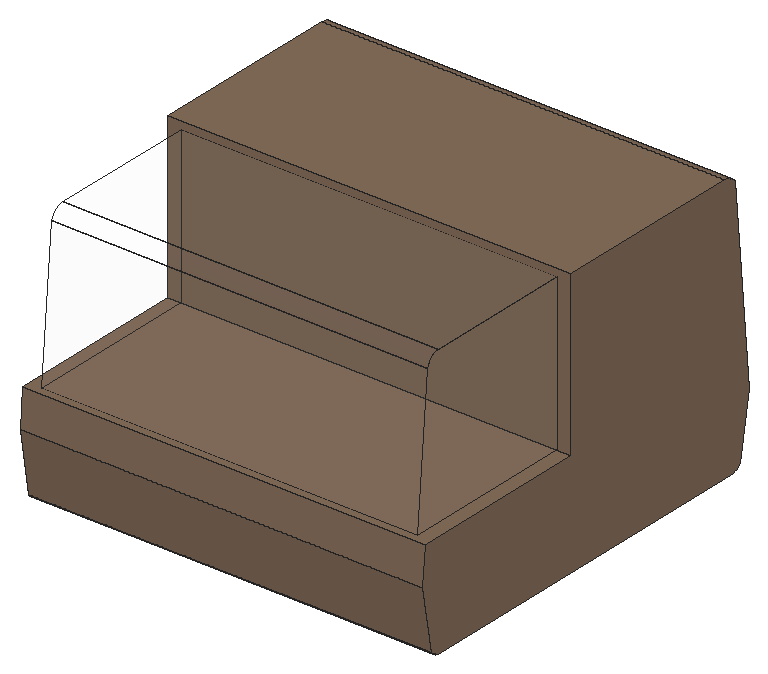
Revit family "PGL", category Lighting Fixtures, host Face, Revit 2013
Parameters (values of type "PGL-250")
  Wattage Comments = "250W & 400W"
  Wattage = 250 W
  built-in parameter 1150110 = 1 (stored number, unit not read)
  Voltage = 120 V
  URL = "http://www.hubbelloutdoor.com/"
  built-in parameter 1114217 = 1 (stored number, unit not read)
  Tilt Angle = 0.00°
  built-in parameter 1150109 = 1 (stored number, unit not read)
  built-in parameter 1150134 = 3
  built-in parameter 1150113 = 1 (stored number, unit not read)
  Product Page URL = "https://www.hubbell.com/hubbelllightingci/en/Products/Lighting-Controls/Commercial-Outdoor-Lighting/Wall-Mount/Perimaliter-PGM3PGL/p/248691"
  Product Documentation Link = "https://hubbellcdn.com/specsheet/pglspecsheet.pdf"
  Power Factor = 1
  Photometric Web File = "PGL250H-x2x.ies"
  Mounting Type = "Wall Mount (surface)\r\nWall (surface)\r\nWall (surface)\r\nWall Mount (Surface)"
  Model = "PGL"  # constant formula
  Manufacturer = "Hubbell Outdoor Lighting"  # constant formula
  built-in parameter 1150105 = 14606 (stored number, unit not read)
  Lumens = 37135.5 lm
  built-in parameter 1150115 = 1 (stored number, unit not read)
  Load Classification = Lighting
  built-in parameter 1150137 = (empty or 0)
  built-in parameter 1150139 = (empty or 0)
  built-in parameter 1150112 = 1 (stored number, unit not read)
  built-in parameter 1150114 = 1 (stored number, unit not read)
  Lamp = "LED"  # constant formula
  Glass Material = Hubbell - White Glass
  built-in parameter 1150132 = (empty or 0)
  built-in parameter 1150102 = (empty or 0)
  built-in parameter 1150107 = 3200 (stored number, unit not read)
  built-in parameter 1150138 = (empty or 0)
  built-in parameter 1150106 = 146.06 (stored number, unit not read)
  Frequency Rating = "50/60 Hz"
  Emit from Rectangle Width = 13"  # constant formula
  Emit from Rectangle Length = 6"  # constant formula
  Emit Shape Visible in Rendering = no
  built-in parameter 1150104 = 13.8 (stored number, unit not read)
  Dimming Lamp Color Temperature Shift = <None>
  Description = "Perimaliter PGL"  # constant formula
  Default Elevation = 48"
  Housing Material = Powdercoat - Hubbell - Dark Bronze
  Contact = "https://www.hubbell.com/hubbelllightingci/en/contactUs"
  Color Filter = 16777215
  Certifications = "UL & CSA"  # constant formula
  built-in parameter 1114218 = 1 (stored number, unit not read)
  built-in parameter 1150133 = 10 (stored number, unit not read)
  Assembly Code = "D5020200"
  Apparent Load = 0 VA
Types (3): name | Wattage | Photometric Web File | built-in parameter 1150105 | Lumens | built-in parameter 1150106
  (no name) | 250 W | "PGL250H-x2x.ies" | 14606 (stored number, unit not read) | 37135.5 lm | 146.06 (stored number, unit not read)
  PGL-400 | 400 W | "PGL400H-x2x.ies" | 23369 (stored number, unit not read) | 59416.8 lm | 233.69 (stored number, unit not read)
  PGL-250 | 250 W | "PGL250H-x2x.ies" | 14606 (stored number, unit not read) | 37135.5 lm | 146.06 (stored number, unit not read)
Reference planes (in)
  plane 1 "Center (Front/Back)": y = 0
  plane 2: z = 0
  plane 3 "Center (Left/Right)": x = 0
  plane 4: z = 9.875
  plane 5: x = -7.437
  plane 6: y = 7.5
  plane 7: y = -7.5
  plane 8: x = 7.437
  plane 9: x = -6.9375
  plane 10: x = 6.9375
  plane 11: y = -0.6875
  plane 12: z = 9.60985
  plane 13: z = 3.875
  plane 14: through (0, 7.5, 2.5) normal (0, 0.9962, 0.0872)
  plane 15: through (0, 7.5, 2.5) normal (0, -0.9848, 0.1736)
  plane 16: through (0, -7.5, 2.5) normal (0, -0.9848, -0.1736)
  plane 17: through (0, -6.38435, 12.40814) normal (0, -0.9962, 0.0872)
Forms (in)
  Extrusion 1, solid, material "Powdercoat - Hubbell - Dark Bronze" <- "Housing Material"
    sketch origin (0, 0, 0) x (0, 1, 0) y (0, 0, 1)
      loop
        line (-6.77212, 0) -> (6.76406, 0)
        arc (6.76406, 0) -> (6.95427, 0.05129) -> (7.09291, 0.19126) r 0.37833
        line (7.09291, 0.19126) -> (7.5, 2.5) -> (6.87607, 9.6316)
        arc (6.87607, 9.6316) -> (6.68073, 9.81028) -> (6.42402, 9.875) r 0.54147
        line (6.42402, 9.875) -> (-0.6875, 9.875) -> (-0.6875, 3.875) -> (-7.3797, 3.875) -> (-7.5, 2.5) -> (-7.08894, 0.16877)
        arc (-7.08894, 0.16877) -> (-6.9516, 0.04483) -> (-6.77212, 0) r 0.38176
    from -7.437 to 7.437
  Extrusion 2, solid, material "Hubbell - White Glass" <- "Glass Material"
    sketch origin (0, 0, 0) x (0, 1, 0) y (0, 0, 1)
      loop
        line (-0.6875, 3.875) -> (-0.6875, 9.60985) -> (-6.17291, 9.60985)
        arc (-6.17291, 9.60985) -> (-6.4943, 9.49287) -> (-6.66531, 9.19667) r 0.5
        line (-6.66531, 9.19667) -> (-7.1309, 3.875) -> (-0.6875, 3.875)
    from -6.9375 to 6.9375
Dimensions and locks (in)
  plane 4 to host face = 9 7/8"
  level to Extrusion 1 = 9 7/8"
  locked: plane 6 to plane 7 at 15
  locked: Extrusion 1 to plane 7 at 6.8125
  equal spacing: plane 6, plane 1 "Center (Front/Back)", plane 7, locked at 7.5 each
  locked: plane 7 to plane 11 at 6.8125
  locked: plane 5 to plane 9 at 0.4995
  locked: plane 10 to plane 8 at 0.4995
  plane 5 to plane 8 = 14.874"
  equal spacing: plane 5, plane 3 "Center (Left/Right)", plane 8, locked at 7.437 each
  locked: plane 13 to plane 2 at 3.875
  locked: plane 14 to plane 6 (angle 5.00°)
  locked: plane 6 to plane 15 (angle 10.00°)
  locked: plane 16 to plane 7 (angle 10.00°)
  angle plane 7 to plane 17 = 5.00°
  locked: plane 7 to Extrusion 1 sketch curve (angle 5.00°)
  aligned and locked: plane 2 to host face
  aligned and locked: level to host face
  aligned and locked: Extrusion 1 to plane 5
  aligned and locked: Extrusion 1 to plane 8
  aligned and locked: Extrusion 2 to Extrusion 1  (x2)
  aligned and locked: Extrusion 1 to host face
  aligned and locked: Extrusion 1 sketch curve to plane 11
  aligned and locked: Extrusion 1 sketch curve to plane 4
  aligned and locked: plane 12 to Extrusion 2 sketch curve
  aligned and locked: plane 13 to Extrusion 1
  aligned and locked: Extrusion 1 sketch curve to plane 14
  aligned and locked: Extrusion 1 sketch curve to plane 15
  aligned and locked: Extrusion 1 sketch curve to plane 16
  aligned and locked: plane 17 to Extrusion 2 sketch curve
Automatic sketch dimensions
  host sketch curve to host sketch curve = 96"  (x2)
  Extrusion 1 sketch curve to plane 7 = 0"
  Extrusion 1 sketch curve to plane 13 = 0"
  Extrusion 1 sketch curve to level = 0"
  level to Extrusion 1 sketch curve = 0.16877"
  Extrusion 1 sketch curve to Extrusion 1 sketch curve = 0.31682"
  Extrusion 1 sketch curve to plane 6 = 1.07598"
  Extrusion 1 sketch curve to plane 6 = 0.73594"
  Extrusion 1 sketch curve to plane 4 = 0.2434"
  level to Extrusion 1 sketch curve = 0.19126"
  Extrusion 2 sketch curve to plane 13 = 0"
  Extrusion 2 sketch curve to plane 11 = 0"
  Extrusion 2 sketch curve to plane 12 = 0.41318"
  Extrusion 2 sketch curve to Extrusion 2 sketch curve = 0.4924"
Connectors (in)
  electrical at (0, -0.00403, 0), driven by "Load Classification", driven by "Voltage", driven by "Apparent Load", driven by "Power Factor"
    settings: on Extrusion 1, index 1, voltage 120 V, apparent load 0 VA, apparent load phase1 0 VA, apparent load phase2 0 VA, apparent load phase3 0 VA, power factor 1, load classification "Lighting", number of poles 1, system type 30, power factor state 1, is connector primary yes, connector utility no, sub classification motor no, connector description "Lighting Connector"
